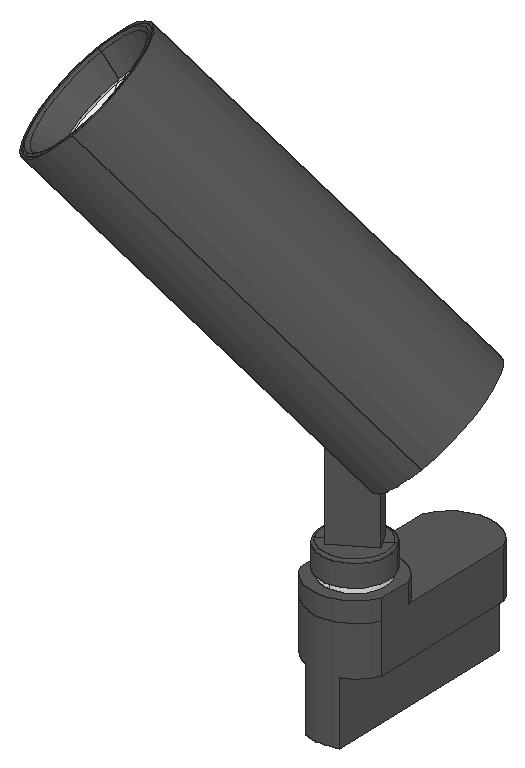
Revit family "0005423 Sylvania Lighting Fixture START Track Spot Integral 930 MB WB BLK", category Lighting Fixtures, host Face, Revit 2017
Family settings
  Host = Face
  Round Connector Dimension = Use Diameter
  Part Type = Normal
  OmniClass Number = 23.80.70.00
  OmniClass Title = Lighting
  Cut with Voids When Loaded = No
  Light Source = No
  Shared = No
  Room Calculation Point = No
Parameters (values of type "0005423 ST TRK SPT INTGRL 1400LM 930 WB BLK")
  Weight = "5.832 kg"
  Wattage Comments = ""
  WarrantyStartDate [instance] = "n/a"
  WarrantyGuarantorParts = "n/a"
  WarrantyDurationUnit = "n/a"
  WarrantyDurationParts = "n/a"
  WarrantyDescription = "n/a"
  Voltage = 230 V
  VerticalRotation_SYL [instance] = 60.00°
  VerticalEndAngle_SYL [instance] = VerticalRotation_SYL - 180.00°  # -120.00°
  URL = "http://www.sylvania-lighting.com"
  TypeName = "START Track Spot Integral 1400LM 930 MB WB BLK"
  TypeHead_SYL = START Track Spot Integral Head : 0005423 ST TRK SPT INTGRL 1400LM 930 WB BLK
  TypeArm_SYL = START Track Spot Integral Arm : START Track Spot Integral BL
  Type Image = <None>
  Type Comments = "n/a"
  SerialNumber [instance] = "n/a"
  Material_3_SYL = none
  PowerFactor = 0
  PowerConsumption = "17 W"
  NominalLength = 0 mm
  NominalHeight = 0 mm
  NominalDepth = 0 mm
  Name = "START Track Spot Integral 1400lm 930 MB WB BLK"
  ModelReference = Name  # "START Track Spot Integral 1400lm 930 MB WB BLK"
  ModelNumber = "0005423"
  Model = Name  # "START Track Spot Integral 1400lm 930 MB WB BLK"
  Material = "n/a"
  ManufacturerName = "Feilo Sylvania"
  Manufacturer = "Feilo Sylvania"
  LuminousEfficacy = "96.36 lm/W"
  LuminaireType = ""
  LightOutputRatio = "n/a"
  LampsType = Lamp  # "LED"
  LampNominalLuminous = "1400 lm"
  LampMacAdamStep = "3"
  LampColourTemperature = "3000"
  LampColourRenderingIndex = "90"
  Lamp = "LED"
  Keynote = "16500"
  InstallationDate [instance] = "n/a"
  InputVoltage = "220-240V~"
  InputNominalFrequency = "50/60 Hz"
  IngressProtection = "IP20"
  ImpactProtectionIndex = "IK03"
  IfcExportType = "IfcLightFixtureType"
  IfcExportAs = "IfcLightFixtureType"
  HorizontalRotation_SYL [instance] = 45.00°
  ExpectedLife = 50000
  ElectricShockClassification = "Class I"
  DurationUnit = "hours"
  DocumentationLiterature = "http://www.sylvania-lighting.com/product/en-int/products/0005423"
  DimmingControlOptions = "Non dimmable"
  Material_2_SYL = Spacer-Sylvania-StartTrackSpot-Aluminium
  Description = ""
  Default Elevation = 1219.2 mm
  CreatedOn = "9/6/2018"
  CreatedBy = ""
  Cost = 0
  built-in parameter 1114216 [instance] = (empty or 0)
  ClassificationValue = "EF_70_80"
  ClassificationName = "Uniclass2015"
  Material_1_SYL = Body-Sylvania-StartTrackSpot-Black
  BarCode [instance] = "n/a"
  AssetType = "Fixed"
  AssetIdentifier [instance] = "n/a"
  Assembly Code = "D5020200"
  Apparent Load = 17 VA
  Material_4_SYL = none
Types (2, lengths in mm): name | TypeName | TypeHead_SYL | Name | ModelReference | Model | LuminousEfficacy | LampNominalLuminous
  0005423 ST TRK SPT INTGRL 1400LM 930 WB BLK | "START Track Spot Integral 1400LM 930 MB WB BLK" | START Track Spot Integral Head : 0005423 ST TRK SPT INTGRL 1400LM 930 WB BLK | "START Track Spot Integral 1400lm 930 MB WB BLK" | "START Track Spot Integral 1400lm 930 MB WB BLK" | "START Track Spot Integral 1400lm 930 MB WB BLK" | "96.36 lm/W" | "1400 lm"
  0005423 ST TRK SPT INTGRL 1350lm 930 MB BLK | "START Track Spot Integral 1350lm 930 MB WB BLK" | START Track Spot Integral Head : 0005423 ST TRK SPT INTGRL 1350LM 930 MB BLK | "START Track Spot Integral 1350lm 930 MB WB BLK" | "START Track Spot Integral 1350lm 930 MB WB BLK" | "START Track Spot Integral 1350lm 930 MB WB BLK" | "90.90 lm/W" | "1350 lm"
Reference planes
  plane 1 "Center (Front/Back)": y = 0
  plane 2: z = 0
  plane 3 "Center (Left/Right)": x = 0
  plane 4: x = 16.6
  plane 5: x = -16.6
  plane 6: x = 7
  plane 7: x = -7
  plane 8: x = -12.8
  plane 9: y = 42
  plane 10: y = 42
  plane 11: y = -42
  plane 12: y = 31.4
  plane 13: y = -31.4
  plane 14: z = -26
  plane 15: z = 20.3
  plane 16: z = 28.5
  plane 17: z = 31.2
  plane 18: y = -17.4
  plane 19: y = -6.8
  plane 20: y = -24.4
Forms (mm)
  Extrusion 1, solid, material "Body-Sylvania-StartTrackSpot-Black" <- "Material_1_SYL"
    sketch origin (0, 0, 0) x (1, 0, 0) y (0, 1, 0)
      loop
        line (-16.6, 31.4) -> (-16.6, -31.4)
        arc (-16.6, -31.4) -> (0, -42) -> (16.6, -31.4) r 18.298
        line (16.6, -31.4) -> (16.6, 31.4)
        arc (16.6, 31.4) -> (0, 42) -> (-16.6, 31.4) r 18.298
    from -26 to 20.3
  Extrusion 2, void
    sketch origin (0, 0, 0) x (1, 0, 0) y (0, 1, 0)
      loop
        arc (-7, 40.608) -> (-12.666, 36.907) -> (-16.6, 31.4) r 18.298
        line (-16.6, 31.4) -> (-16.6, -31.4)
        arc (-16.6, -31.4) -> (-12.666, -36.907) -> (-7, -40.608) r 18.298
        line (-7, -40.608) -> (-7, 40.608)
      loop
        line (16.6, -31.4) -> (16.6, 31.4)
        arc (16.6, 31.4) -> (12.666, 36.907) -> (7, 40.608) r 18.298
        line (7, 40.608) -> (7, -40.608)
        arc (7, -40.608) -> (12.666, -36.907) -> (16.6, -31.4) r 18.298
    from 0 to -26
  Extrusion 3, solid, material "Body-Sylvania-StartTrackSpot-Black" <- "Material_1_SYL"
    sketch origin (1223.4, -4572, 20.3) x (0, -1, 0) y (-1, 0, 0)
      loop
        line (-4540.6, 1240) -> (-4554.6, 1240)
        arc (-4554.6, 1240) -> (-4565.2, 1223.4) -> (-4554.6, 1206.8) r 18.298
        line (-4554.6, 1206.8) -> (-4540.6, 1206.8)
        arc (-4540.6, 1206.8) -> (-4530, 1223.4) -> (-4540.6, 1240) r 18.298
    from -8.2 to 0
  Extrusion 4, solid, material "Spacer-Sylvania-StartTrackSpot-Aluminium" <- "Material_2_SYL"
    sketch origin (1223.4, -4572, 28.5) x (0, -1, 0) y (-1, 0, 0)
      loop
        circle (-4547.6, 1223.4) r 12.7
    from 0 to -2.7
  Revolve 5, solid, not visible
    sketch origin (1524, -24.4, 1219.2) x (1, 0, 0) y (0, 0, 1)
      loop
        line (-1524, -1188) -> (-1524, -1168.735) -> (-1531, -1168.735) -> (-1531, -1188) -> (-1524, -1188)
      axis (-1524, -1168.735) -> (-1524, -1188)
    angle from 60 <- "VerticalRotation_SYL" to -120 <- "VerticalEndAngle_SYL"
Cuts and joins
  Extrusion 2 cuts Extrusion 1
  joined: Extrusion 1, Extrusion 3
Lines and regions (mm)
  reference lines
    curve 1: circle (0, -24.4, 0) r 12.7 normal (0, 0, 1)
    curve 2: arc (-16.6, -31.4, 0) -> (0, -42, 0) -> (16.6, -31.4, 0) r 18.298
    curve 3: arc (-16.6, -17.4, 0) -> (0, -6.8, 0) -> (16.6, -17.4, 0) r 18.298
    curve 4: arc (-16.6, 31.4, 0) -> (0, 42, 0) -> (16.6, 31.4, 0) r 18.298
Dimensions and locks
  plane 6 to plane 3 "Center (Left/Right)" to plane 7 = 7 mm locked, 7 mm locked
  plane 4 to plane 3 "Center (Left/Right)" to plane 5 = 16.6 mm locked, 16.6 mm locked
  locked: plane 3 "Center (Left/Right)" to plane 8 at 12.8
  plane 11 to plane 1 "Center (Front/Back)" to plane 10 = 42 mm locked, 42 mm locked
  plane 13 to plane 1 "Center (Front/Back)" to plane 12 = 31.4 mm locked, 31.4 mm locked
  locked: plane 2 to plane 14 at 26
  locked: plane 15 to plane 2 at 20.3
  plane 17 to plane 16 to plane 15 = 2.7 mm locked, 8.2 mm locked
  locked: plane 13 to plane 18 at 14
  locked: plane 18 to plane 19 at 10.6
  equal spacing: plane 13, plane 20, plane 18
  locked: plane 20 to curve 2 at 0.698
  locked: curve 3 to plane 20 at 0.698
  aligned and locked: plane 2 to host face
  aligned and locked: level to host face
  aligned and locked: plane 3 "Center (Left/Right)" to curve 1
  aligned and locked: plane 20 to curve 1
  aligned and locked: plane 13 to curve 2  (x2)
  aligned and locked: plane 18 to curve 3  (x2)
  aligned and locked: plane 12 to curve 4  (x2)
  aligned and locked: plane 4 to curve 4
  aligned and locked: plane 3 "Center (Left/Right)" to curve 4
  aligned and locked: plane 5 to curve 2
  aligned and locked: plane 5 to curve 3
  aligned and locked: plane 4 to curve 3
  aligned and locked: plane 4 to curve 2
  aligned and locked: plane 12 to Extrusion 1 sketch curve
  aligned and locked: plane 13 to Extrusion 1 sketch curve
  aligned and locked: Extrusion 1 sketch curve to curve 4
  aligned and locked: Extrusion 1 sketch curve to curve 2
  aligned and locked: Extrusion 1 to plane 15
  aligned and locked: plane 14 to Extrusion 1
  aligned and locked: Extrusion 2 sketch curve to Extrusion 1  (x5)
  aligned and locked: Extrusion 2 sketch curve to plane 7
  aligned and locked: plane 14 to Extrusion 2
  aligned and locked: level to Extrusion 2
  aligned and locked: Extrusion 3 sketch curve to cut or joined group of Extrusion 1, Extrusion 2, Extrusion 3  (x2)
  aligned and locked: Extrusion 3 sketch curve to curve 3
  aligned and locked: cut or joined group of Extrusion 1, Extrusion 2, Extrusion 3 to Extrusion 3 sketch curve
  aligned and locked: Extrusion 3 to plane 16
  aligned and locked: plane 15 to Extrusion 3
  aligned and locked: Extrusion 4 sketch curve to curve 1
  aligned and locked: Extrusion 4 to plane 17
  aligned and locked: plane 16 to Extrusion 4
  aligned and locked: Revolve 5 sketch curve to plane 3 "Center (Left/Right)"
  aligned and locked: Extrusion 4 to Revolve 5 sketch curve
  aligned and locked: Revolve 5 sketch curve to Extrusion 4
  aligned and locked: plane 17 to nested 1
Automatic sketch dimensions
  host sketch curve to host sketch curve = 2438.4 mm  (x2)
  plane 12 to curve 4 = 7.698 mm
  plane 12 to Extrusion 2 sketch curve = 0 mm
  Extrusion 2 sketch curve to Extrusion 2 sketch curve = 0 mm  (x2)
  Extrusion 2 sketch curve to plane 6 = 0 mm
  Revolve 5 sketch curve to plane 7 = 0 mm
  Revolve 5 sketch curve to Revolve 5 sketch curve = 19.265 mm
  plane 14 to Revolve 5 sketch curve = 583.6 mm
  Revolve 5 sketch curve to Revolve 5 sketch curve = 2558.594 mm
  radius of curve 1 = 12.7 mm
Nested families
  nested 1: "START Track Spot Integral Arm" at (0, -24.4, 31.2) x (0, 0, -1) z (0.866, 0.5, 0), type <- "TypeArm_SYL", HorizontalRotation_SYL <- "HorizontalRotation_SYL", type "START Track Spot Integral BL"
    with HorizontalRotation_SYL 45.00°, HorizontalEndAngle_SYL -135.00°
  nested 2: "START Track Spot Integral Head" at (12.554, -17.152, 97.696) x (-0.5, 0.866, 0) z (0.6124, 0.3536, -0.7071), type <- "TypeHead_SYL", type "0005423 ST TRK SPT INTGRL 1400LM 930 WB BLK"
    with built-in parameter 1114216 (empty or 0), S_SYL yes, RadiusLensOut_SYL 21 mm, RadiusHead_SYL 30 mm, RadiusEmission_SYL 8 mm, Height_SYL 160 mm, DepthLens_SYL 10 mm, DepthEmission_SYL 25 mm, Apparent Load 17 VA
Connectors
  electrical at (0, 0, 0), driven by "Apparent Load", driven by "PowerFactor", driven by "Voltage"
    settings: index 1, voltage 230 V, apparent load 17 VA, apparent load phase1 0 VA, apparent load phase2 0 VA, apparent load phase3 0 VA, power factor 0, load classification "Lighting", number of poles 1, system type 30, power factor state 1, is connector primary yes, connector utility no, sub classification motor no, connector description ""
Definition of nested family "START Track Spot Integral Arm"
  Parameters (values of type "START Track Spot Integral WH")
    URL = "http://www.sylvania-lighting.com"
    Type Image = (empty or 0)
    Type Comments = "n/a"
    Material_3_SYL = none
    Model = ""
    Manufacturer = "Feilo Sylvania"
    Keynote = ""
    Material_2_SYL = none
    HorizontalRotation_SYL [instance] = 0.00°
    HorizontalEndAngle_SYL [instance] = HorizontalRotation_SYL - 180.00°  # -180.00°
    Description = ""
    Default Elevation = 1219.2 mm
    Cost = 0
    Material_1_SYL = none
    Assembly Code = ""
    Material_4_SYL = none
  Types (2): name
    START Track Spot Integral WH
    START Track Spot Integral BL
  Reference planes
    plane 1 "Center (Front/Back)": y = 0
    plane 2: z = 0
    plane 3 "Center (Left/Right)": x = 0
    plane 4: x = -10
    plane 5: z = -14
    plane 6: z = -14
    plane 7: z = 14
    plane 8: x = -52
    plane 9: z = 9
    plane 10: z = -9
    plane 11: x = -60
    plane 12: y = 4.5
    plane 13: y = -4.5
    plane 14: x = -9
    plane 15: z = 13
    plane 16: z = 4
    plane 17: z = -4
    plane 18: x = -55
  Forms (mm)
    Extrusion 1, solid
      sketch origin (4.2, 0, 0) x (1, 0, 0) y (0, 1, 0)
        loop
          line (-1219.2, 1219.2) -> (-1219.2, -1219.2) -> (1219.2, -1219.2) -> (1219.2, 1219.2) -> (-1219.2, 1219.2)
      from 0 to -68.017
    Revolve 2, solid, material <- "Material_1_SYL"
      sketch origin (0, 0, 0) x (1, 0, 0) y (0, 0, 1)
        loop
          line (0, 0) -> (0, 14) -> (-9, 14)
          arc (-9, 14) -> (-9.707, 13.707) -> (-10, 13) r 1
          line (-10, 13) -> (-10, 0) -> (0, 0)
        axis (-10, 0) -> (0, 0)
      angle from 360 to 0
    Extrusion 3, solid, material <- "Material_1_SYL"
      sketch origin (0, 0, 0) x (1, 0, 0) y (0, 0, 1)
        loop
          line (-10, 9) -> (-55, 9)
          arc (-55, 9) -> (-58.536, 7.536) -> (-60, 4) r 5
          line (-60, 4) -> (-60, -4)
          arc (-60, -4) -> (-58.536, -7.536) -> (-55, -9) r 5
          line (-55, -9) -> (-10, -9) -> (-10, 9)
      from -4.5 to 4.5
    Revolve 4, solid, not visible
      sketch origin (-52, -4572, 2609.058) x (0, 0, 1) y (0, -1, 0)
        loop
          line (-2609.058, -4553.46) -> (-2609.058, -4590.54) -> (-2605.058, -4590.54) -> (-2605.058, -4553.46) -> (-2609.058, -4553.46)
        axis (-2609.058, -4553.46) -> (-2609.058, -4590.54)
      angle from 0 <- "HorizontalRotation_SYL" to -180 <- "HorizontalEndAngle_SYL"
  Dimensions and locks
    locked: plane 3 "Center (Left/Right)" to plane 4 at 10
    plane 7 to plane 2 to plane 6 = 14 mm locked, 14 mm locked
    locked: plane 4 to plane 8 at 42
    plane 13 to plane 1 "Center (Front/Back)" to plane 12 = 4.5 mm locked, 4.5 mm locked
    locked: plane 14 to plane 4 at 1
    locked: plane 7 to plane 15 at 1
    locked: plane 9 to plane 16 at 5
    locked: plane 17 to plane 10 at 5
    equal spacing: Revolve 4 sketch curve, plane 1 "Center (Front/Back)", Revolve 4 sketch curve
    locked: Revolve 4 sketch curve to plane 1 "Center (Front/Back)" at 18.54
    locked: plane 18 to plane 11 at 5
    locked: plane 4 to plane 11 at 50
    aligned and locked: plane 2 to Extrusion 1
    aligned and locked: level to Extrusion 1
    aligned and locked: level to Revolve 2 sketch curve  (x2)
    aligned and locked: plane 3 "Center (Left/Right)" to Revolve 2 sketch curve
    aligned and locked: Revolve 2 sketch curve to plane 7
    aligned and locked: plane 4 to Revolve 2 sketch curve
    aligned and locked: plane 15 to Revolve 2 sketch curve
    aligned and locked: plane 14 to Revolve 2 sketch curve
    aligned and locked: Revolve 2 sketch curve to plane 2
    aligned and locked: Extrusion 3 sketch curve to plane 9
    aligned and locked: plane 4 to Extrusion 3 sketch curve
    aligned and locked: plane 10 to Extrusion 3 sketch curve
    aligned and locked: Extrusion 3 sketch curve to plane 11
    aligned and locked: plane 13 to Extrusion 3
    aligned and locked: Extrusion 3 to plane 12
    aligned and locked: plane 16 to Extrusion 3 sketch curve
    aligned and locked: plane 17 to Extrusion 3 sketch curve
    aligned and locked: Revolve 4 sketch curve to level
    aligned and locked: Revolve 4 sketch curve to plane 16
    aligned and locked: Revolve 4 sketch curve to plane 2
    aligned and locked: plane 18 to Extrusion 3 sketch curve  (x2)
Definition of nested family "START Track Spot Integral Head"
  Parameters (values of type "0005432 ST TRK SPT INTGRL 5000LM 940 WB WHT")
    WidthCutOut_SYL = 9.5 mm  # constant formula
    Wattage Comments = "n/a"
    Wattage = 55 W
    built-in parameter 1150110 = 1 (stored number, unit not read)
    URL = "http://www.sylvania-lighting.com"
    Type Image = (empty or 0)
    Type Comments = "n/a"
    built-in parameter 1114217 = 1 (stored number, unit not read)
    Tilt Angle = 90.00°
    built-in parameter 1150109 = 1 (stored number, unit not read)
    built-in parameter 1150134 = 12
    built-in parameter 1150113 = 1 (stored number, unit not read)
    S_SYL = no
    RadiusLensOut_SYL = if(S_SYL, 21 mm, if(M_SYL, 30.5 mm, 33 mm))  # 33 mm
    RadiusLensHolder_SYL = 1.8 mm  # constant formula
    RadiusHead_SYL = if(S_SYL, 30 mm, if(M_SYL, 40 mm, 45.5 mm))  # 45.5 mm
    RadiusEmission_SYL = if(S_SYL, 8 mm, if(M_SYL, 16.5 mm, 16.5 mm))  # 16.5 mm
    Photometric Web File = "0005432 WB.ies"
    Material_3_SYL = none
    Model = "ST TRK SPT INTGRL 5000LM 940 WB WHT"
    Manufacturer = "Feilo Sylvania"
    M_SYL = no
    built-in parameter 1150105 = 397.89 (stored number, unit not read)
    Lumens = 5000 lm
    built-in parameter 1150115 = 1 (stored number, unit not read)
    built-in parameter 1150137 = (empty or 0)
    built-in parameter 1150139 = (empty or 0)
    built-in parameter 1150112 = 1 (stored number, unit not read)
    built-in parameter 1150114 = 1 (stored number, unit not read)
    Lamp = "LED"
    Keynote = "16500"
    Material_2_SYL = none
    built-in parameter 1150132 = (empty or 0)
    built-in parameter 1150102 = (empty or 0)
    built-in parameter 1150107 = 4000 (stored number, unit not read)
    built-in parameter 1150138 = (empty or 0)
    built-in parameter 1150106 = 3.9789 (stored number, unit not read)
    Height_SYL = if(S_SYL, 160 mm, if(M_SYL, 200 mm, 215 mm))  # 215 mm
    Emit from Circle Diameter = RadiusLensOut_SYL * 2  # 66 mm
    Emit Shape Visible in Rendering = no
    built-in parameter 1150104 = 8.4457 (stored number, unit not read)
    DistRotateAxisY_SYL = 16.8 mm  # constant formula
    Dimming Lamp Color Temperature Shift = (empty or 0)
    Description = ""
    DepthLens_SYL = 1.25 * (RadiusHead_SYL - 1 mm - RadiusLensOut_SYL)  # 14.375 mm
    DepthEmission_SYL = Height_SYL / 6.4  # 33.594 mm
    DepthCutOut_SYL = WidthCutOut_SYL * 2  # 19 mm
    Default Elevation = 1219.2 mm
    Cost = 0
    Color Filter = 16777215
    built-in parameter 1114216 [instance] = (empty or 0)
    Material_1_SYL = none
    built-in parameter 1114218 = 1 (stored number, unit not read)
    built-in parameter 1150133 = 10 (stored number, unit not read)
    Assembly Code = "D5020200"
    Apparent Load = 55 VA
    Material_4_SYL = none
  Types (24, lengths in mm): name | Wattage | built-in parameter 1150134 | S_SYL | RadiusLensOut_SYL | RadiusHead_SYL | RadiusEmission_SYL | Photometric Web File | Model | M_SYL | built-in parameter 1150105 | Lumens | built-in parameter 1150107 | built-in parameter 1150106 | Height_SYL | Emit from Circle Diameter | built-in parameter 1150104 | DepthLens_SYL | DepthEmission_SYL | Apparent Load
    0005433 ST TRK SPT INTGRL 5000LM 940 WB BLK | 55 W | 12 | no | 33 | 45.5 | 16.5 | "0005433 WB.ies" | "ST TRK SPT INTGRL 5000LM 940 WB BLK" | no | 397.89 (stored number, unit not read) | 5000 lm | 4000 (stored number, unit not read) | 3.9789 (stored number, unit not read) | 215 | 66 | 8.4457 (stored number, unit not read) | 14.375 | 33.594 | 55 VA
    0005433 ST TRK SPT INTGRL 5000LM 940 MB BLK | 55 W | 12 | no | 33 | 45.5 | 16.5 | "0005433 MB.ies" | "ST TRK SPT INTGRL 5000LM 940 MB BLK" | no | 397.89 (stored number, unit not read) | 5000 lm | 4000 (stored number, unit not read) | 3.9789 (stored number, unit not read) | 215 | 66 | 8.4457 (stored number, unit not read) | 14.375 | 33.594 | 55 VA
    0005432 ST TRK SPT INTGRL 5000LM 940 WB WHT | 55 W | 12 | no | 33 | 45.5 | 16.5 | "0005432 WB.ies" | "ST TRK SPT INTGRL 5000LM 940 WB WHT" | no | 397.89 (stored number, unit not read) | 5000 lm | 4000 (stored number, unit not read) | 3.9789 (stored number, unit not read) | 215 | 66 | 8.4457 (stored number, unit not read) | 14.375 | 33.594 | 55 VA
    0005432 ST TRK SPT INTGRL 5000LM 940 MB WHT | 55 W | 12 | no | 33 | 45.5 | 16.5 | "0005432 MB.ies" | "ST TRK SPT INTGRL 5000LM 940 MB WHT" | no | 397.89 (stored number, unit not read) | 5000 lm | 4000 (stored number, unit not read) | 3.9789 (stored number, unit not read) | 215 | 66 | 8.4457 (stored number, unit not read) | 14.375 | 33.594 | 55 VA
    0005431 ST TRK SPT INTGRL 3000LM 940 WB BLK | 33 W | 12 | no | 30.5 | 40 | 16.5 | "0005431 WB.ies" | "ST TRK SPT INTGRL 3000LM 940 WB BLK" | yes | 238.73 (stored number, unit not read) | 3000 lm | 4000 (stored number, unit not read) | 2.3873 (stored number, unit not read) | 200 | 61 | 8.4457 (stored number, unit not read) | 10.625 | 31.25 | 33 VA
    0005431 ST TRK SPT INTGRL 3000LM 940 MB BLK | 33 W | 12 | no | 30.5 | 40 | 16.5 | "0005431 MB.ies" | "ST TRK SPT INTGRL 3000LM 940 MB BLK" | yes | 238.73 (stored number, unit not read) | 3000 lm | 4000 (stored number, unit not read) | 2.3873 (stored number, unit not read) | 200 | 61 | 8.4457 (stored number, unit not read) | 10.625 | 31.25 | 33 VA
    0005430 ST TRK SPT INTGRL 3000LM 940 WB WHT | 33 W | 12 | no | 30.5 | 40 | 16.5 | "0005430 WB.ies" | "ST TRK SPT INTGRL 3000LM 940 WB WHT" | yes | 238.73 (stored number, unit not read) | 3000 lm | 4000 (stored number, unit not read) | 2.3873 (stored number, unit not read) | 200 | 61 | 8.4457 (stored number, unit not read) | 10.625 | 31.25 | 33 VA
    0005430 ST TRK SPT INTGRL 3000LM 940 MB WHT | 33 W | 12 | no | 30.5 | 40 | 16.5 | "0005430 MB.ies" | "ST TRK SPT INTGRL 3000LM 940 MB WHT" | yes | 238.73 (stored number, unit not read) | 3000 lm | 4000 (stored number, unit not read) | 2.3873 (stored number, unit not read) | 200 | 61 | 8.4457 (stored number, unit not read) | 10.625 | 31.25 | 33 VA
    0005429 ST TRK SPT INTGRL 1500LM 940 WB BLK | 17 W | 12 | yes | 21 | 30 | 8 | "0005429 WB.ies" | "ST TRK SPT INTGRL 1500LM 940 WB BLK" | no | 119.37 (stored number, unit not read) | 1500 lm | 4000 (stored number, unit not read) | 1.1937 (stored number, unit not read) | 160 | 42 | 8.1973 (stored number, unit not read) | 10 | 25 | 17 VA
    0005429 ST TRK SPT INTGRL 1500LM 940 MB BLK | 17 W | 12 | yes | 21 | 30 | 8 | "0005429 MB.ies" | "ST TRK SPT INTGRL 1500LM 940 MB BLK" | no | 119.37 (stored number, unit not read) | 1500 lm | 4000 (stored number, unit not read) | 1.1937 (stored number, unit not read) | 160 | 42 | 8.1973 (stored number, unit not read) | 10 | 25 | 17 VA
    0005428 ST TRK SPT INTGRL 1500LM 940 WB WHT | 17 W | 12 | yes | 21 | 30 | 8 | "0005428 WB.ies" | "ST TRK SPT INTGRL 1500LM 940 WB WHT" | no | 119.37 (stored number, unit not read) | 1500 lm | 4000 (stored number, unit not read) | 1.1937 (stored number, unit not read) | 160 | 42 | 8.1973 (stored number, unit not read) | 10 | 25 | 17 VA
    0005428 ST TRK SPT INTGRL 1500LM 940 MB WHT | 17 W | 12 | yes | 21 | 30 | 8 | "0005428 MB.ies" | "ST TRK SPT INTGRL 1500LM 940 MB WHT" | no | 119.37 (stored number, unit not read) | 1500 lm | 4000 (stored number, unit not read) | 1.1937 (stored number, unit not read) | 160 | 42 | 8.1973 (stored number, unit not read) | 10 | 25 | 17 VA
    0005427 ST TRK SPT INTGRL 4500LM 930 WB BLK | 55 W | (empty or 0) | no | 33 | 45.5 | 16.5 | "0005427 WB.ies" | "ST TRK SPT INTGRL 4500LM 930 WB BLK" | no | 358.1 (stored number, unit not read) | 4500 lm | 3000 (stored number, unit not read) | 3.581 (stored number, unit not read) | 215 | 66 | 7.6012 (stored number, unit not read) | 14.375 | 33.594 | 55 VA
    0005427 ST TRK SPT INTGRL 4500LM 930 MB BLK | 55 W | (empty or 0) | no | 33 | 45.5 | 16.5 | "0005427 MB.ies" | "ST TRK SPT INTGRL 4500LM 930 MB BLK" | no | 358.1 (stored number, unit not read) | 4500 lm | 3000 (stored number, unit not read) | 3.581 (stored number, unit not read) | 215 | 66 | 7.6012 (stored number, unit not read) | 14.375 | 33.594 | 55 VA
    0005426 ST TRK SPT INTGRL 4500LM 930 WB WHT | 55 W | (empty or 0) | no | 33 | 45.5 | 16.5 | "0005426 WB.ies" | "ST TRK SPT INTGRL 4500LM 930 WB WHT" | no | 358.1 (stored number, unit not read) | 4500 lm | 3000 (stored number, unit not read) | 3.581 (stored number, unit not read) | 215 | 66 | 7.6012 (stored number, unit not read) | 14.375 | 33.594 | 55 VA
    0005426 ST TRK SPT INTGRL 4500LM 930 MB WHT | 55 W | (empty or 0) | no | 33 | 45.5 | 16.5 | "0005426 MB.ies" | "ST TRK SPT INTGRL 4500LM 930 MB WHT" | no | 358.1 (stored number, unit not read) | 4500 lm | 3000 (stored number, unit not read) | 3.581 (stored number, unit not read) | 215 | 66 | 7.6012 (stored number, unit not read) | 14.375 | 33.594 | 55 VA
    0005425 ST TRK SPT INTGRL 2700LM 930 WB BLK | 33 W | (empty or 0) | no | 30.5 | 40 | 16.5 | "0005425 WB.ies" | "ST TRK SPT INTGRL 2700LM 930 WB BLK" | yes | 214.86 (stored number, unit not read) | 2700 lm | 3000 (stored number, unit not read) | 2.1486 (stored number, unit not read) | 200 | 61 | 7.6012 (stored number, unit not read) | 10.625 | 31.25 | 33 VA
    0005425 ST TRK SPT INTGRL 2700LM 930 MB BLK | 33 W | (empty or 0) | no | 30.5 | 40 | 16.5 | "0005425 MB.ies" | "ST TRK SPT INTGRL 2700LM 930 MB BLK" | yes | 214.86 (stored number, unit not read) | 2700 lm | 3000 (stored number, unit not read) | 2.1486 (stored number, unit not read) | 200 | 61 | 7.6012 (stored number, unit not read) | 10.625 | 31.25 | 33 VA
    0005424 ST TRK SPT INTGRL 2700LM 930 WB WHT | 33 W | (empty or 0) | no | 30.5 | 40 | 16.5 | "0005424 WB.ies" | "ST TRK SPT INTGRL 2700LM 930 WB WHT" | yes | 214.86 (stored number, unit not read) | 2700 lm | 3000 (stored number, unit not read) | 2.1486 (stored number, unit not read) | 200 | 61 | 7.6012 (stored number, unit not read) | 10.625 | 31.25 | 33 VA
    0005424 ST TRK SPT INTGRL 2700LM 930 MB WHT | 33 W | (empty or 0) | no | 30.5 | 40 | 16.5 | "0005424 MB.ies" | "ST TRK SPT INTGRL 2700LM 930 MB WHT" | yes | 214.86 (stored number, unit not read) | 2700 lm | 3000 (stored number, unit not read) | 2.1486 (stored number, unit not read) | 200 | 61 | 7.6012 (stored number, unit not read) | 10.625 | 31.25 | 33 VA
    0005423 ST TRK SPT INTGRL 1360LM 930 WB BLK | 17 W | (empty or 0) | yes | 21 | 30 | 8 | "0005423 WB.ies" | "ST TRK SPT INTGRL 1360LM 930 WB BLK" | no | 108.23 (stored number, unit not read) | 1360 lm | 3000 (stored number, unit not read) | 1.0823 (stored number, unit not read) | 160 | 42 | 7.4322 (stored number, unit not read) | 10 | 25 | 17 VA
    0005423 ST TRK SPT INTGRL 1360LM 930 MB BLK | 17 W | (empty or 0) | yes | 21 | 30 | 8 | "0005423 MB.ies" | "ST TRK SPT INTGRL 1360LM 930 MB BLK" | no | 108.23 (stored number, unit not read) | 1360 lm | 3000 (stored number, unit not read) | 1.0823 (stored number, unit not read) | 160 | 42 | 7.4322 (stored number, unit not read) | 10 | 25 | 17 VA
    0005422 ST TRK SPT INTGRL 1360LM 930 WB WHT | 17 W | (empty or 0) | yes | 21 | 30 | 8 | "0005422 WB.ies" | "ST TRK SPT INTGRL 1360LM 930 WB WHT" | no | 108.23 (stored number, unit not read) | 1360 lm | 3000 (stored number, unit not read) | 1.0823 (stored number, unit not read) | 160 | 42 | 7.4322 (stored number, unit not read) | 10 | 25 | 17 VA
    0005422 ST TRK SPT INTGRL 1360LM 930 MB WHT | 17 W | (empty or 0) | yes | 21 | 30 | 8 | "0005422 MB.ies" | "ST TRK SPT INTGRL 1360LM 930 MB WHT" | no | 108.23 (stored number, unit not read) | 1360 lm | 3000 (stored number, unit not read) | 1.0823 (stored number, unit not read) | 160 | 42 | 7.4322 (stored number, unit not read) | 10 | 25 | 17 VA
  Reference planes
    plane 1 "Center (Front/Back)": y = 0
    plane 2: z = 0
    plane 3 "Center (Left/Right)": x = 0
    plane 4: x = 45.5
    plane 5: z = 16.8
    plane 6: z = -198.2
    plane 7: x = 44.5
    plane 8: x = 33
    plane 9: x = 16.5
    plane 10: z = -183.825
    plane 11: z = -164.606
    plane 12: z = -11.2
    plane 13: x = 43.5
    plane 14: x = 38.25
    plane 15: z = -181.825
    plane 16: z = -162.606
    plane 17: z = -1
    plane 18: x = 4.75
    plane 19: x = -4.75
    plane 20: y = -45.5
    plane 21: y = -26.5
    plane 22: x = 42.5
    plane 23: y = -36
  Forms (mm)
    Extrusion 1, solid
      sketch origin (4.2, 0, 0) x (1, 0, 0) y (0, 1, 0)
        loop
          line (-1219.2, 1219.2) -> (-1219.2, -1219.2) -> (1219.2, -1219.2) -> (1219.2, 1219.2) -> (-1219.2, 1219.2)
      from 0 to -68.017
    Revolve 2, solid, material <- "Material_1_SYL"
      sketch origin (0, 0, 0) x (1, 0, 0) y (0, 0, 1)
        loop
          line (45.5, -198.2) -> (45.5, 16.8) -> (44.5, 16.8) -> (44.5, -198.2) -> (45.5, -198.2)
        axis (0, 16.8) -> (0, -198.2)
      angle from 360 to 0
    Revolve 3, solid, material <- "Material_1_SYL"
      sketch origin (0, 0, 0) x (1, 0, 0) y (0, 0, 1)
        loop
          line (44.5, 16.8) -> (43.5, 16.8)
          arc (43.5, 16.8) -> (38.25, 15.673) -> (33, 16.8) r 12.796
          line (33, 16.8) -> (0, 16.8) -> (0, -11.2) -> (44.5, -11.2) -> (44.5, 16.8)
        axis (0, 16.8) -> (0, -11.2)
      angle from 360 to 0
    Revolve 4, solid, material <- "Material_2_SYL"
      sketch origin (0, 0, 0) x (1, 0, 0) y (0, 0, 1)
        loop
          line (44.5, -181.825) -> (0, -181.825) -> (0, -183.825) -> (44.5, -183.825) -> (44.5, -181.825)
        axis (0, -181.825) -> (0, -183.825)
      angle from 360 to 0
    Revolve 5, solid
      sketch origin (0, 0, 0) x (1, 0, 0) y (0, 0, 1)
        loop
          line (0, -164.606) -> (16.5, -164.606)
          arc (16.5, -164.606) -> (30.37, -169.432) -> (38.25, -181.825) r 22.346
          line (38.25, -181.825) -> (44.5, -181.825) -> (44.5, -162.606) -> (0, -162.606) -> (0, -164.606)
        axis (0, -162.606) -> (0, -181.825)
      angle from 360 to 0
    Extrusion 6, void
      sketch origin (1524, -45.5, 1219.2) x (-1, 0, 0) y (0, 0, 1)
        loop
          line (1528.75, -1230.4) -> (1528.75, -1202.4) -> (1519.25, -1202.4) -> (1519.25, -1230.4) -> (1528.75, -1230.4)
      from 0 to 19
    Revolve 7, solid, material <- "Material_1_SYL"
      sketch origin (0, 0, 0) x (1, 0, 0) y (0, 0, 1)
        loop
          line (33, -183.825) -> (42.006, -197.453)
          arc (42.006, -197.453) -> (42.534, -197.999) -> (43.267, -198.2) r 1.437
          line (43.267, -198.2) -> (44.5, -198.2) -> (44.5, -183.825) -> (33, -183.825)
        axis (0, -183.825) -> (0, -198.2)
      angle from 360 to 0
  Cuts and joins
    Extrusion 6 cuts Revolve 3
    Extrusion 6 cuts Revolve 2
  Lines and regions (mm)
    reference lines
      curve 1: arc (33, 0, 16.8) -> (38.25, 0, 15.673) -> (43.5, 0, 16.8) r 12.796
      curve 2: line (33, 0, -183.825) -> (42.5, 0, -198.2)
  Dimensions and locks
    "RadiusHead_SYL": plane 4 to plane 3 "Center (Left/Right)"
    "DistRotateAxisY_SYL": plane 5 to plane 2
    "Height_SYL": plane 5 to plane 6
    locked: plane 4 to plane 7 at 1
    "RadiusLensOut_SYL": plane 8 to plane 3 "Center (Left/Right)"
    "RadiusEmission_SYL": plane 9 to plane 3 "Center (Left/Right)"
    "DepthLens_SYL": plane 10 to plane 6
    "DepthEmission_SYL": plane 11 to plane 6
    locked: plane 5 to plane 12 at 28
    locked: plane 4 to plane 13 at 2
    equal spacing: plane 13, plane 14, plane 8
    locked: plane 5 to curve 1 at 1.127
    locked: plane 15 to plane 10 at 2
    locked: plane 16 to plane 11 at 2
    locked: plane 2 to plane 17 at 1
    equal spacing: plane 18, plane 3 "Center (Left/Right)", plane 19
    "WidthCutOut_SYL": plane 18 to plane 19
    "RadiusHead_SYL": plane 20 to plane 1 "Center (Front/Back)"
    "DepthCutOut_SYL": plane 20 to plane 21
    locked: plane 4 to plane 22 at 3
    equal spacing: plane 20, plane 23, plane 21
    aligned and locked: plane 2 to Extrusion 1
    aligned and locked: level to Extrusion 1
    aligned and locked: plane 8 to curve 1
    aligned and locked: plane 13 to curve 1
    aligned and locked: plane 14 to curve 1
    aligned and locked: plane 5 to curve 1
    aligned and locked: Revolve 2 sketch curve to plane 3 "Center (Left/Right)"
    aligned and locked: Revolve 2 sketch curve to plane 6
    aligned and locked: Revolve 2 sketch curve to plane 4
    aligned and locked: plane 5 to Revolve 2 sketch curve
    aligned and locked: plane 7 to Revolve 2 sketch curve
    aligned and locked: Revolve 3 sketch curve to plane 3 "Center (Left/Right)"
    aligned and locked: Revolve 3 sketch curve to Revolve 2  (x3)
    aligned and locked: Revolve 3 sketch curve to plane 12
    aligned and locked: plane 3 "Center (Left/Right)" to Revolve 3 sketch curve
    aligned and locked: Revolve 3 sketch curve to curve 1
    aligned and locked: plane 5 to Revolve 3 sketch curve
    aligned and locked: Revolve 4 sketch curve to plane 3 "Center (Left/Right)"  (x2)
    aligned and locked: Revolve 4 sketch curve to plane 15
    aligned and locked: plane 7 to Revolve 4 sketch curve
    aligned and locked: Revolve 5 sketch curve to plane 3 "Center (Left/Right)"  (x2)
    aligned and locked: plane 3 "Center (Left/Right)" to Revolve 5 sketch curve
    aligned and locked: plane 9 to Revolve 5 sketch curve
    aligned and locked: plane 11 to Revolve 5 sketch curve
    aligned and locked: plane 14 to Revolve 5 sketch curve
    aligned and locked: plane 15 to Revolve 5 sketch curve
    aligned and locked: plane 12 to Extrusion 6 sketch curve
    aligned and locked: Extrusion 6 sketch curve to plane 19
    aligned and locked: Extrusion 6 sketch curve to plane 5
    aligned and locked: plane 18 to Extrusion 6 sketch curve
    aligned and locked: Extrusion 6 to plane 21
    aligned and locked: plane 20 to Extrusion 6
    aligned and locked: plane 10 to curve 2
    aligned and locked: plane 22 to curve 2
    aligned and locked: Revolve 7 sketch curve to plane 3 "Center (Left/Right)"
    aligned and locked: plane 10 to Revolve 7 sketch curve
    aligned and locked: Revolve 7 sketch curve to Revolve 4
    aligned and locked: Revolve 7 sketch curve to curve 2
    aligned and locked: plane 3 "Center (Left/Right)" to imposter light
    aligned and locked: imposter light to plane 1 "Center (Front/Back)"
    aligned and locked: imposter light to plane 10
  Automatic sketch dimensions
    Extrusion 1 sketch curve to Extrusion 1 sketch curve = 2438.4 mm  (x2)
    plane 6 to Revolve 2 sketch curve = 487.1 mm
    Revolve 2 sketch curve to plane 5 = 2571.558 mm
    plane 6 to Revolve 3 sketch curve = 487.1 mm
    Revolve 3 sketch curve to Revolve 3 sketch curve = 2566.685 mm
    plane 6 to Revolve 4 sketch curve = 487.1 mm
    Revolve 4 sketch curve to plane 5 = 2571.558 mm
    Revolve 5 sketch curve to plane 11 = 2 mm
    plane 6 to Revolve 5 sketch curve = 487.1 mm
    Revolve 5 sketch curve to plane 5 = 2571.558 mm
    Revolve 5 sketch curve to plane 7 = 0 mm
    Revolve 4 sketch curve to plane 10 = 0 mm
    curve 2 to plane 8 = 0 mm
    curve 1 to plane 14 = 0 mm
    curve 2 to plane 6 = 0 mm
    curve 1 to plane 13 = 0 mm
    Revolve 7 sketch curve to plane 6 = 0 mm
    Revolve 7 sketch curve to plane 22 = 0.494 mm
    Revolve 7 sketch curve to plane 13 = 0.233 mm
    plane 6 to Revolve 7 sketch curve = 474.6 mm
    Revolve 7 sketch curve to plane 5 = 2584.058 mm
